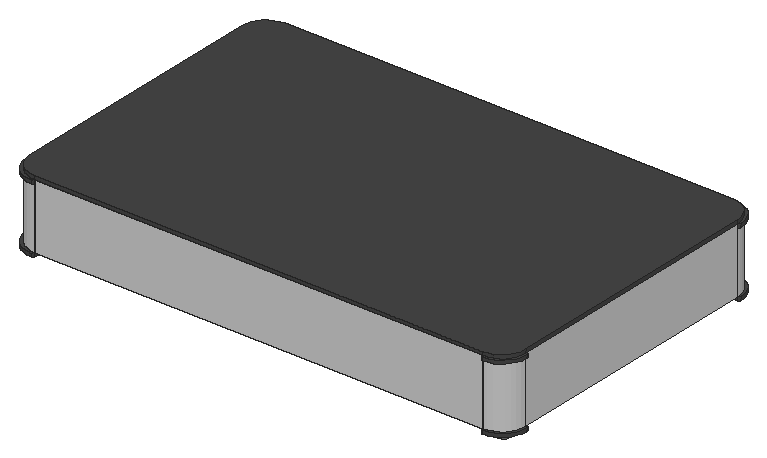
Revit family "QF_ADVENTYS_HOT_PLATE_S-S_250902074652", category Specialty Equipment, Revit 2021
Family settings
  Round Connector Dimension = Use Diameter
  Part Type = Normal
  OmniClass Number = 23.40.40.14
  OmniClass Title = Food Service Equipment
  Work Plane-Based = No
  Always vertical = Yes
  Cut with Voids When Loaded = No
  Shared = No
  Room Calculation Point = No
Parameters (values of type "ADV2089")
  Weight in Pounds [instance] = 0
  Weight = 7.50 kg
  Warranty Start Date [instance] = ""
  Warranty Duration [instance] = ""
  Volts [instance] = 230 V
  URL Recommended Spares List = ""
  URL Manufacturer = ""
  URL Cutsheet = ""
  URL Critical Spares List = ""
  URL = "www.adventys.com"
  Tag Number [instance] = ""
  Status [instance] = ""
  Specification by User [instance] = ""
  Specification by Manufacturer [instance] = ""
  Sound Level [instance] = ""
  Solid Fuel Type [instance] = ""
  Service Life Duration [instance] = ""
  Serial Number [instance] = ""
  Seismic Rating [instance] = ""
  SMACNA No [instance] = ""
  Revision Code [instance] = ""
  Revision [instance] = ""
  Production Year [instance] = ""
  Point Load [instance] = 0
  Phase [instance] = 1
  Other Equipment Approvals [instance] = ""
  Number of Poles [instance] = 2
  NAFEM Spec ID Number [instance] = ""
  Model Warning [instance] = ""
  Model = "HOT PLATE S-S"
  Min Ckt Ampacity [instance] = 0 A
  Max Overcurrent Protection [instance] = 10 A
  Masterspec [instance] = ""
  Manufacturer = "ADVENTYS"
  Length Actual = 620 mm
  Item Number [instance] = ""
  Installed By [instance] = ""
  Installation Date [instance] = ""
  Identify Quantity as Lot [instance] = no
  ID [instance] = ""
  Hygiene Approval [instance] = ""
  Hot Water Consumption = 0.0 L/s
  Height Actual = 96 mm
  HP power [instance] = ""
  Furnished By [instance] = ""
  Foodservice Equipment Identifier [instance] = no
  FL Amps [instance] = 4.5 A
  Electrical Remarks [instance] = "Plug not included"
  Electric power [instance] = 0 W
  Electric Connection Type [instance] = "Cord&Plug"
  Elec Conn RI Height [instance] = 0 mm
  Elec Conn Connection Height [instance] = 0 mm
  ETL Approved [instance] = no
  Description = "ELECTRONICALLY CONTROLLED HOTPLATE"
  Depth Actual = 390 mm
  Default Elevation = 0 mm
  Cycle [instance] = 50 Hz
  Cost = 0
  Conn Plug [instance] = ""
  Conn Conduit [instance] = no
  CSI MasterFormat [instance] = ""
  CE Approved [instance] = no
  Barcode [instance] = 0
  Author [instance] = ""
  Asset Identifier [instance] = ""
  Apparent Power [instance] = 1000 VA
  Accessory = no
Reference planes
  plane 1 "Center (Front/Back)": y = 0
  plane 2: z = 0
  plane 3 "Center (Left/Right)": x = 0
Forms (mm)
  Extrusion 1, solid, not visible
    sketch origin (70.003, -2, 47.502) x (1, 0, 0) y (0, 1, 0)
      loop
        line (-2, 2) -> (-2, -2) -> (2, -2) -> (2, 2) -> (-2, 2)
    from -2 to 2
Dimensions and locks
  locked: Extrusion 1 to nested 2
  locked: nested 2 to Extrusion 1 at 2
  aligned and locked: level to plane 2
Nested families
  nested 1: "QF_ADVENTYS_ADV2089_2916" at (0, 0, 0), type "ADV2089"
    with Status "", Show Logo yes, Show Clearance yes
  nested 2: "CONN_POINT_ELE_2D___Generic_Annotation" at (70.003, 0, 47.502), type "CONN_POINT_ELE_2D___Generic_Annotation"
    with Onboard connection annotation symbol visibility yes
Connectors
  electrical at (70.003, 0, 47.502), driven by "Apparent Power", driven by "Number of Poles", driven by "Volts"
    settings: on Extrusion 1, index 1, voltage 230 V, apparent load 0 VA, apparent load phase1 1000 VA, apparent load phase2 0 VA, apparent load phase3 0 VA, power factor 1, load classification "Other", number of poles 2, system type 31, power factor state 1, is connector primary yes, connector utility no, sub classification motor no, connector description "Electrical connection for HOT PLATE S-S"
Definition of nested family "QF_ADVENTYS_ADV2089_2916"
  Parameters (values of type "ADV2089")
    URL = "www.adventys.com"
    Status [instance] = ""
    Show Logo [instance] = yes
    Show Clearance [instance] = yes
    Model = "HOT PLATE S-S"
    Manufacturer = "ADVENTYS"
    Description = "ELECTRONICALLY CONTROLLED HOTPLATE"
    Default Elevation = 0 mm
    Author = "SPECIFI"
    Assembly Code = "E1090320"
  Reference planes
    plane 1 "Back": y = 0
    plane 2: z = 0
    plane 3 "Left": x = 0
    plane 4 "Right": x = 620
    plane 5 "Front": y = -390
    plane 6 "Top": z = 96
  Forms (mm)
    Extrusion 1, solid
      sketch origin (-437.879, -390, -60.3) x (1, 0, 0) y (0, 1, 0)
        loop
          line (437.879, 360) -> (437.879, 30) -> (467.879, 30) -> (467.879, 0) -> (1027.879, 0) -> (1027.879, 30) -> (1057.879, 30) -> (1057.879, 360) -> (1027.879, 360) -> (1027.879, 390) -> (467.879, 390) -> (467.879, 360) -> (437.879, 360)
      from 70.3 to 152.3
    Extrusion 2, solid
      sketch origin (30, -390, -14.006) x (1, 0, 0) y (0, 1, 0)
        loop
          line (0, 30) -> (-30.98, 30)
          arc (-30.98, 30) -> (-32.402, 29.388) -> (-32.935, 27.935) r 1.958
          arc (-32.935, 27.935) -> (-23.852, 6.102) -> (-2, -2.935) r 30.935
          arc (-2, -2.935) -> (-0.586, -2.35) -> (0, -0.935) r 2
          line (0, -0.935) -> (0, 30)
        loop
          line (560, 30) -> (560, -0.935)
          arc (560, -0.935) -> (560.586, -2.35) -> (562, -2.935) r 2
          arc (562, -2.935) -> (583.852, 6.102) -> (592.935, 27.935) r 30.935
          arc (592.935, 27.935) -> (592.402, 29.388) -> (590.98, 30) r 1.958
          line (590.98, 30) -> (560, 30)
        loop
          line (0, 360) -> (0, 390.935)
          arc (0, 390.935) -> (-0.586, 392.35) -> (-2, 392.935) r 2
          arc (-2, 392.935) -> (-23.852, 383.898) -> (-32.935, 362.065) r 30.935
          arc (-32.935, 362.065) -> (-32.402, 360.612) -> (-30.98, 360) r 1.958
          line (-30.98, 360) -> (0, 360)
        loop
          line (560, 360) -> (590.98, 360)
          arc (590.98, 360) -> (592.402, 360.612) -> (592.935, 362.065) r 1.958
          arc (592.935, 362.065) -> (583.852, 383.898) -> (562, 392.935) r 30.935
          arc (562, 392.935) -> (560.586, 392.35) -> (560, 390.935) r 2
          line (560, 390.935) -> (560, 360)
      from 20.006 to 24.006
    Extrusion 3, solid
      sketch origin (-430.601, -391.294, 0.995) x (1, 0, 0) y (0, 1, 0)
        loop
          circle (1033.349, 18.158) r 8
        loop
          circle (447.454, 18.158) r 8
        loop
          circle (1033.349, 374.212) r 8
        loop
          circle (447.454, 374.212) r 8
      from -0.995 to 5
    Extrusion 4, solid
      sketch origin (30, -390, 71.994) x (1, 0, 0) y (0, 1, 0)
        loop
          line (0, 0) -> (560, 0)
          arc (560, 0) -> (581.213, 8.787) -> (590, 30) r 30
          line (590, 30) -> (590, 360)
          arc (590, 360) -> (581.213, 381.213) -> (560, 390) r 30
          line (560, 390) -> (0, 390)
          arc (0, 390) -> (-21.213, 381.213) -> (-30, 360) r 30
          line (-30, 360) -> (-30, 30)
          arc (-30, 30) -> (-21.213, 8.787) -> (0, 0) r 30
      from 20.006 to 24.006
    Extrusion 5, solid
      sketch origin (30, -390, 67.994) x (1, 0, 0) y (0, 1, 0)
        loop
          arc (560, 390) -> (581.213, 381.213) -> (590, 360) r 30
          line (590, 360) -> (590.98, 360)
          arc (590.98, 360) -> (592.402, 360.612) -> (592.935, 362.065) r 1.958
          arc (592.935, 362.065) -> (583.852, 383.898) -> (562, 392.935) r 30.935
          arc (562, 392.935) -> (560.586, 392.35) -> (560, 390.935) r 2
          line (560, 390.935) -> (560, 390)
        loop
          line (560, 0) -> (560, -0.935)
          arc (560, -0.935) -> (560.586, -2.35) -> (562, -2.935) r 2
          arc (562, -2.935) -> (583.852, 6.102) -> (592.935, 27.935) r 30.935
          arc (592.935, 27.935) -> (592.402, 29.388) -> (590.98, 30) r 1.958
          line (590.98, 30) -> (590, 30)
          arc (590, 30) -> (581.213, 8.787) -> (560, 0) r 30
        loop
          line (0, 390) -> (0, 390.935)
          arc (0, 390.935) -> (-0.586, 392.35) -> (-2, 392.935) r 2
          arc (-2, 392.935) -> (-23.852, 383.898) -> (-32.935, 362.065) r 30.935
          arc (-32.935, 362.065) -> (-32.402, 360.612) -> (-30.98, 360) r 1.958
          line (-30.98, 360) -> (-30, 360)
          arc (-30, 360) -> (-21.213, 381.213) -> (0, 390) r 30
        loop
          arc (0, 0) -> (-21.213, 8.787) -> (-30, 30) r 30
          line (-30, 30) -> (-30.98, 30)
          arc (-30.98, 30) -> (-32.402, 29.388) -> (-32.935, 27.935) r 1.958
          arc (-32.935, 27.935) -> (-23.852, 6.102) -> (-2, -2.935) r 30.935
          arc (-2, -2.935) -> (-0.586, -2.35) -> (0, -0.935) r 2
          line (0, -0.935) -> (0, 0)
      from 20.006 to 24.006
    Extrusion 6, solid
      sketch origin (994.629, 0.2, -60.3) x (1, 0, 0) y (0, 0, 1)
        loop
          line (-603.629, 131.7) -> (-763.629, 131.7)
          arc (-763.629, 131.7) -> (-767.164, 130.236) -> (-768.629, 126.7) r 5
          line (-768.629, 126.7) -> (-768.629, 96.7)
          arc (-768.629, 96.7) -> (-767.164, 93.164) -> (-763.629, 91.7) r 5
          line (-763.629, 91.7) -> (-603.629, 91.7)
          arc (-603.629, 91.7) -> (-600.093, 93.164) -> (-598.629, 96.7) r 5
          line (-598.629, 96.7) -> (-598.629, 126.7)
          arc (-598.629, 126.7) -> (-600.093, 130.236) -> (-603.629, 131.7) r 5
      from -0.2 to 1.8
    Extrusion 7, solid
      sketch origin (-372.629, 0.6, -0.3) x (-1, 0, 0) y (0, 0, -1)
        loop
          line (-663.129, -58.2) -> (-663.129, -45.2) -> (-704.129, -45.2) -> (-704.129, -58.2) -> (-663.129, -58.2)
      from 0 to 2
    Extrusion 8, solid
      sketch origin (-372.629, -55.341, -0.3) x (-1, 0, 0) y (0, 0, -1)
        loop
          line (-647.129, -55.95) -> (-647.129, -47.45)
          arc (-647.129, -47.45) -> (-647.788, -45.859) -> (-649.379, -45.2) r 2.25
          line (-649.379, -45.2) -> (-657.879, -45.2)
          arc (-657.879, -45.2) -> (-659.47, -45.859) -> (-660.129, -47.45) r 2.25
          line (-660.129, -47.45) -> (-660.129, -55.95)
          arc (-660.129, -55.95) -> (-659.47, -57.541) -> (-657.879, -58.2) r 2.25
          line (-657.879, -58.2) -> (-649.379, -58.2)
          arc (-649.379, -58.2) -> (-647.788, -57.541) -> (-647.129, -55.95) r 2.25
        loop
          line (-653.229, -55.7) -> (-653.229, -52.1) -> (-649.629, -52.1) -> (-649.629, -51.3) -> (-653.229, -51.3) -> (-653.229, -47.7) -> (-654.029, -47.7) -> (-654.029, -51.3) -> (-657.629, -51.3) -> (-657.629, -52.1) -> (-654.029, -52.1) -> (-654.029, -55.7) -> (-653.229, -55.7)
        loop
          line (-707.129, -55.95) -> (-707.129, -47.45)
          arc (-707.129, -47.45) -> (-707.788, -45.859) -> (-709.379, -45.2) r 2.25
          line (-709.379, -45.2) -> (-717.879, -45.2)
          arc (-717.879, -45.2) -> (-719.47, -45.859) -> (-720.129, -47.45) r 2.25
          line (-720.129, -47.45) -> (-720.129, -55.95)
          arc (-720.129, -55.95) -> (-719.47, -57.541) -> (-717.879, -58.2) r 2.25
          line (-717.879, -58.2) -> (-709.379, -58.2)
          arc (-709.379, -58.2) -> (-707.788, -57.541) -> (-707.129, -55.95) r 2.25
        loop
          line (-709.629, -52.1) -> (-709.629, -51.3) -> (-717.629, -51.3) -> (-717.629, -52.1) -> (-709.629, -52.1)
        loop
          circle (-733.525, -51.7) r 6.5
        loop
          line (-733.229, -55.7) -> (-733.229, -47.7) -> (-734.029, -47.7) -> (-734.029, -55.7) -> (-733.229, -55.7)
      from -55.941 to -53.941
    Extrusion 9, solid
      sketch origin (0, 0, 0) x (1, 0, 0) y (0, 1, 0)
        loop
          arc (30, 0) -> (8.787, -8.787) -> (0, -30) r 30
          line (0, -30) -> (30, -30) -> (30, 0)
        loop
          line (30, -390) -> (30, -360) -> (0, -360)
          arc (0, -360) -> (8.787, -381.213) -> (30, -390) r 30
        loop
          line (590, 0) -> (590, -30) -> (620, -30)
          arc (620, -30) -> (611.213, -8.787) -> (590, 0) r 30
        loop
          arc (590, -390) -> (611.213, -381.213) -> (620, -360) r 30
          line (620, -360) -> (590, -360) -> (590, -390)
      from 10 to 88
  Lines and regions (mm)
    symbolic lines
      curve 1: line (0, -360, 0) -> (0, -30, 0)
      curve 2: line (30, 0, 0) -> (590, 0, 0)
      curve 3: line (620, -30, 0) -> (620, -360, 0)
      curve 4: line (590, -390, 0) -> (30, -390, 0)
      curve 5: arc (0, -360, 0) -> (8.787, -381.213, 0) -> (30, -390, 0) r 30
      curve 6: arc (590, -390, 0) -> (611.213, -381.213, 0) -> (620, -360, 0) r 30
      curve 7: arc (0, -30, 0) -> (8.787, -8.787, 0) -> (30, 0, 0) r 30
      curve 8: arc (590, 0, 0) -> (611.213, -8.787, 0) -> (620, -30, 0) r 30
      curve 9: line (0, -360, 0) -> (-0.98, -360, 0)
      curve 10: arc (-0.98, -360, 0) -> (-2.365, -360.574, 0) -> (-2.938, -361.958, 0) r 1.958
      curve 11: arc (-2.938, -361.958, 0) -> (6.135, -383.862, 0) -> (28.039, -392.935, 0) r 30.977
      curve 12: arc (28.039, -392.935, 0) -> (29.426, -392.361, 0) -> (30, -390.974, 0) r 1.961
      curve 13: line (30, -390.974, 0) -> (30, -390, 0)
      curve 14: line (620, -360, 0) -> (620.98, -360, 0)
      curve 15: arc (620.98, -360, 0) -> (622.365, -360.574, 0) -> (622.938, -361.958, 0) r 1.958
      curve 16: arc (622.938, -361.958, 0) -> (613.865, -383.862, 0) -> (591.961, -392.935, 0) r 30.977
      curve 17: arc (591.961, -392.935, 0) -> (590.574, -392.361, 0) -> (590, -390.974, 0) r 1.961
      curve 18: line (590, -390.974, 0) -> (590, -390, 0)
      curve 19: line (0, -30, 0) -> (-0.98, -30, 0)
      curve 20: arc (-0.98, -30, 0) -> (-2.365, -29.426, 0) -> (-2.938, -28.042, 0) r 1.958
      curve 21: arc (-2.938, -28.042, 0) -> (6.135, -6.138, 0) -> (28.039, 2.935, 0) r 30.977
      curve 22: arc (28.039, 2.935, 0) -> (29.426, 2.361, 0) -> (30, 0.974, 0) r 1.961
      curve 23: line (30, 0.974, 0) -> (30, 0, 0)
      curve 24: line (620, -30, 0) -> (620.98, -30, 0)
      curve 25: arc (620.98, -30, 0) -> (622.365, -29.426, 0) -> (622.938, -28.042, 0) r 1.958
      curve 26: arc (622.938, -28.042, 0) -> (613.865, -6.138, 0) -> (591.961, 2.935, 0) r 30.977
      curve 27: arc (591.961, 2.935, 0) -> (590.574, 2.361, 0) -> (590, 0.974, 0) r 1.961
      curve 28: line (590, 0.974, 0) -> (590, 0, 0)
  Dimensions and locks
    plane 6 "Top" to level = 96 mm
    plane 3 "Left" to plane 4 "Right" = 620 mm
    plane 5 "Front" to plane 1 "Back" = 390 mm
    aligned and locked: level to plane 2
Definition of nested family "CONN_POINT_ELE_2D___Generic_Annotation"
  Parameters (values of type "CONN_POINT_ELE_2D___Generic_Annotation")
    Onboard connection annotation symbol visibility [instance] = yes
  Reference planes
    plane 1: y = 0
    plane 2: x = 0
  Lines and regions (mm)
    detail lines, visible <- "Onboard connection annotation symbol visibility"
      curve 1: circle (0, 0, 0) r 0.5 normal (0, 0, 1)
      curve 2: line (-1, 0, 0) -> (1, 0, 0)
      curve 3: line (0, 1, 0) -> (0, -1, 0)
      curve 4: line (2.5, 1, 0) -> (1.25, 1, 0)
      curve 5: line (1.25, 1, 0) -> (1.25, -1, 0)
      curve 6: line (1.25, -1, 0) -> (2.5, -1, 0)
      curve 7: line (1.25, 0, 0) -> (2, 0, 0)
